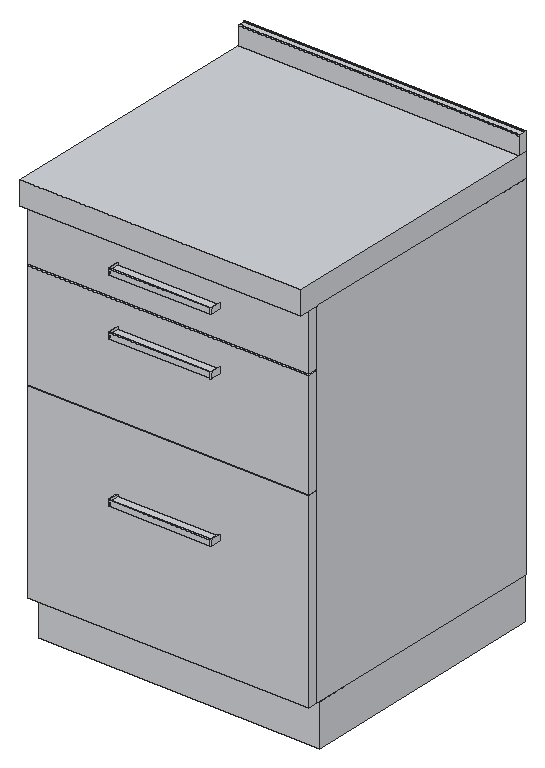
Revit family "Base - 3 Drawers (2)", category 케이스워크, Revit 2026
Family settings
  작업 기준면 기반 = 아니오
  항상 수직 = 예
  로드될 때 보이드를 사용하여 절단 = 아니오
  공유 = 아니오
  룸 계산 점 = 아니오
Parameters (values of type "600 X 600 X 900mm")
  기본 높이 = 0 mm
  Top Material = none
  Material = none
  Handle Material = none
  깊이 = 600 mm
  높이 = 900 mm
  폭 = 600 mm
  Assembly Code = ""
Types (4, lengths in mm): name | 폭 | Assembly Code
  (no name) | 600 | ""
  600 x 450 x 900mm | 450 | "C1030400"
  600 X 600 X 900mm | 600 | ""
  600 x 400 x 900mm | 400 | "C1030400"
Reference planes
  plane 1 "Back": y = 0
  plane 2: z = 0
  plane 3 "Center (Left/Right)": x = 44.7
  plane 4 "Front": y = -600
  plane 5 "Left": x = -255.3
  plane 6 "Right": x = 344.7
  plane 7 "Top": z = 900
  plane 8: z = 90
  plane 9: z = 850
  plane 10: z = 727
Forms (mm)
  Extrusion 1, solid
    sketch origin (0, 0, 0) x (1, 0, 0) y (0, 1, 0)
      loop
        line (-255.3, 0) -> (-255.3, -558) -> (-233.3, -558) -> (-233.3, -22) -> (322.7, -22) -> (322.7, -558) -> (344.7, -558) -> (344.7, 0) -> (-255.3, 0)
    from 90 to 850
  Extrusion 2, solid, material <- "Top Material"
    sketch origin (0, 0, 900) x (0, -1, 0) y (-1, 0, 0)
      loop
        line (0, 255.3) -> (0, -344.7) -> (600, -344.7) -> (600, 255.3) -> (0, 255.3)
    from 0 to 50
  Extrusion 3, solid, material <- "Material"
    sketch origin (0, 0, 900) x (0, -1, 0) y (-1, 0, 0)
      loop
        line (0.534, 255.3) -> (0.534, -344.7) -> (550.534, -344.7) -> (550.534, 255.3) -> (0.534, 255.3)
    from 810 to 900
  Sweep 4, solid, material <- "Top Material"
    path origin (0, 0, 900) x (0, -1, 0) y (1, 0, 0)
      loop
        line (0, 344.7) -> (0, -255.3)
    profile origin (44.7, 0, 0) x (0, -1, 0) y (0, 0, 1)
      loop
        line (0, 900) -> (15, 900) -> (15, 938)
        arc (15, 938) -> (14.414, 939.414) -> (13, 940) r 2
        line (13, 940) -> (1.504, 940) -> (1.504, 942.003) -> (0, 942.003) -> (0, 900)
  Extrusion 5, solid, material <- "Material"
    sketch origin (-255.3, -558, 850) x (0, 0, -1) y (1, 0, 0)
      loop
        line (0, 0) -> (120, 0) -> (120, 600) -> (0, 600) -> (0, 0)
      loop
        line (123, 0) -> (351.5, 0) -> (351.5, 600) -> (123, 600) -> (123, 0)
      loop
        line (353.5, 600) -> (353.5, 0) -> (760, 0) -> (760, 600) -> (353.5, 600)
    from 0 to 22
Dimensions and locks
  "폭": plane 6 "Right" to plane 5 "Left"
  equal spacing: plane 6 "Right", plane 3 "Center (Left/Right)", plane 5 "Left"
  "깊이": plane 4 "Front" to plane 1 "Back"
  "높이": level to plane 7 "Top"
  locked: Extrusion 1 sketch curve to Extrusion 1 sketch curve at 22  (x3)
  locked: plane 8 to level at 90
  plane 7 "Top" to plane 9 = 50 mm
  equal spacing: plane 5 "Left", nested 1, plane 6 "Right"
  plane 10 to plane 8 = 637 mm
  aligned and locked: Extrusion 1 sketch curve to plane 6 "Right"
  aligned and locked: plane 1 "Back" to Extrusion 1 sketch curve
  aligned and locked: plane 5 "Left" to Extrusion 1 sketch curve
  aligned and locked: Extrusion 1 to plane 9
  aligned and locked: plane 8 to Extrusion 1
Automatic sketch dimensions
  Extrusion 2 sketch curve to plane 1 "Back" = 0 mm
  Extrusion 2 sketch curve to plane 4 "Front" = 0 mm
  Extrusion 2 sketch curve to plane 5 "Left" = 0 mm
  Extrusion 2 sketch curve to plane 6 "Right" = 0 mm
  plane 1 "Back" to Extrusion 3 sketch curve = 0.534 mm
  Extrusion 3 sketch curve to plane 5 "Left" = 0 mm
  Extrusion 3 sketch curve to plane 6 "Right" = 0 mm
  Extrusion 3 sketch curve to plane 4 "Front" = 49.466 mm
  Sweep 4 sketch curve to plane 1 "Back" = 0 mm
  Sweep 4 sketch curve to plane 5 "Left" = 0 mm
  Sweep 4 sketch curve to plane 6 "Right" = 0 mm
  Sweep 4 sketch curve to profile plane = 0 mm  (x2)
  Sweep 4 sketch curve to profile plane = 1.504 mm
  Sweep 4 sketch curve to Sweep 4 sketch curve = 11.496 mm
  Sweep 4 sketch curve to profile plane = 15 mm
  profile plane to Sweep 4 sketch curve = 38 mm
  Sweep 4 sketch curve to Sweep 4 sketch curve = 2.003 mm
  Extrusion 1 sketch curve to plane 4 "Front" = 42 mm  (x2)
  Extrusion 5 sketch curve to plane 6 "Right" = 0 mm  (x3)
  Extrusion 5 sketch curve to plane 9 = 0 mm
  Extrusion 5 sketch curve to plane 5 "Left" = 0 mm  (x3)
  Extrusion 5 sketch curve to plane 10 = 0 mm
  Extrusion 5 sketch curve to plane 8 = 0 mm
  plane 10 to Extrusion 5 sketch curve = 3 mm
  Extrusion 5 sketch curve to Extrusion 5 sketch curve = 228.5 mm
  Extrusion 5 sketch curve to Extrusion 5 sketch curve = 2 mm
Nested families
  nested 1: "Casework Handle" at (319.577, -603, 787.18), type "220 x 23mm"
  nested 2: "Casework Handle" at (319.577, -603, 664.18), type "220 x 23mm"
  nested 3: "Casework Handle" at (319.577, -603, 343.68), type "220 x 23mm"
Definition of nested family "Casework Handle"
  Parameters
    Default Elevation = 0 mm
    Material = none
  Reference planes
    plane 1 "Center (Front/Back)": y = 0
    plane 2: z = 0
    plane 3 "Center (Left/Right)": x = -274.877
    plane 4: x = -384.877
    plane 5: x = -164.877
    plane 6: y = 23
    plane 7: z = 12
  Forms (mm)
    Sweep 1, solid, material <- "Material"
      path origin (0, 0, 0) x (1, 0, 0) y (0, 1, 0)
        loop
          line (-384.877, 23) -> (-384.877, 2.5)
          arc (-384.877, 2.5) -> (-384.145, 0.732) -> (-382.377, 0) r 2.5
          line (-382.377, 0) -> (-167.377, 0)
          arc (-167.377, 0) -> (-165.609, 0.732) -> (-164.877, 2.5) r 2.5
          line (-164.877, 2.5) -> (-164.877, 23)
      profile origin (0, 12.75, 0) x (1, 0, 0) y (0, 0, 1)
        loop
          line (-384.877, 0) -> (-382.877, 0) -> (-382.877, 12) -> (-384.877, 12) -> (-384.877, 0)
    Extrusion 2, solid, material <- "Material"
      sketch origin (0, 0, 0) x (1, 0, 0) y (0, 1, 0)
        loop
          arc (-382.877, 2.5) -> (-382.731, 2.146) -> (-382.377, 2) r 0.5
          line (-382.377, 2) -> (-167.377, 2)
          arc (-167.377, 2) -> (-167.023, 2.146) -> (-166.877, 2.5) r 0.5
          line (-166.877, 2.5) -> (-166.877, 23) -> (-382.877, 23) -> (-382.877, 2.5)
      from 2.765 to 9.254
  Dimensions and locks
    equal spacing: plane 4, plane 3 "Center (Left/Right)", plane 5
